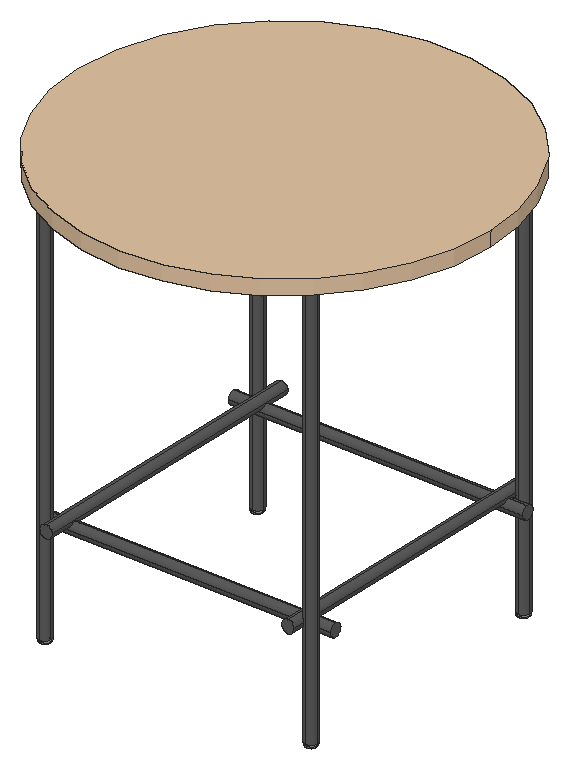
Revit family "FU_Modular_Sandler_NUC0210", category Furniture, Revit 2020
Family settings
  OmniClass Number = 23.40.20.00
  OmniClass Title = General Furniture and Specialties
  Work Plane-Based = No
  Always vertical = Yes
  Cut with Voids When Loaded = No
  Shared = No
  Room Calculation Point = No
Parameters (values of type "NUC0210")
  Width = 500 mm
  URL = "https://www.sandlerseating.com/product/nuc-0210/"
  Top [instance] = Wood - Oak - Natural - V
  Model = "NUC 0210"
  Manufacturer = "Sandler"
  Height = 520 mm
  Frame [instance] = Epoxy - M1_B00 - Black
  Description = "Side table on epoxy steel frame. 50cm / 20″ diameter."
  Depth = 500 mm
  Default Elevation = 0 mm
Reference planes
  plane 1 "Center (Front/Back)": y = 0
  plane 2: z = 0
  plane 3 "Center (Left/Right)": x = 0
  plane 4 "Right": x = -250
  plane 5 "Left": x = 250
  plane 6 "Back": y = 250
  plane 7 "Front": y = -250
  plane 8 "Height": z = 520
  plane 9 "Seat base": z = 502
  plane 10 "Right Inner": x = -218
  plane 11 "Front Inner": y = -218
  plane 12 "Left Inner": x = 218
  plane 13 "Back Inner": y = 218
Forms (mm)
  Extrusion 1, solid, material "Wood - Oak - Natural - V" <- "Top"
    sketch origin (0, 0, 502) x (-1, 0, 0) y (0, -1, 0)
      loop
        circle (0, 0) r 250
    from 0 to 18
Dimensions and locks
  equal spacing: plane 4 "Right", plane 3 "Center (Left/Right)", plane 5 "Left"
  "Width": plane 4 "Right" to plane 5 "Left"
  equal spacing: plane 6 "Back", plane 1 "Center (Front/Back)", plane 7 "Front"
  "Depth": plane 6 "Back" to plane 7 "Front"
  "Height": plane 8 "Height" to level
  locked: plane 8 "Height" to plane 9 "Seat base" at 18
  locked: plane 6 "Back" to plane 13 "Back Inner" at 32
  locked: plane 4 "Right" to plane 10 "Right Inner" at 32
  locked: plane 11 "Front Inner" to plane 7 "Front" at 32
  locked: plane 12 "Left Inner" to plane 5 "Left" at 32
  aligned and locked: level to plane 2
Automatic sketch dimensions
  plane 1 "Center (Front/Back)" to Extrusion 1 sketch curve = 0 mm
  Extrusion 1 sketch curve to plane 3 "Center (Left/Right)" = 0 mm
  radius of Extrusion 1 sketch curve = 250 mm
Nested families
  nested 1: "NUC_Frame" at (0, 0, 0), Frame <- "Frame", type "Frame 0210"
    with Frame Epoxy - M1_B00 - Black
Definition of nested family "NUC_Frame"
  Parameters (values of type "Frame 0210")
    Width = 420 mm
    URL = ""
    Model = ""
    Manufacturer = ""
    Height = 520 mm
    Frame [instance] = none
    Description = ""
    Depth = 420 mm
    Default Elevation = 0 mm
  Reference planes
    plane 1 "Center (Front/Back)": y = 0
    plane 2: z = 0
    plane 3 "Center (Left/Right)": x = 0
    plane 4 "Right": x = -210
    plane 5 "Left": x = 210
    plane 6 "Back": y = 210
    plane 7 "Front": y = -210
    plane 8 "Height": z = 520
    plane 9 "Seat base": z = 505
    plane 10 "Cross Right TOP": x = -178.091
    plane 11 "Side Back TOP": y = 177.81
    plane 12 "RL CY TOP": x = -161.061
    plane 13 "RS C TOP": x = -145.848
    plane 14 "BL CX TOP": y = 160.755
    plane 15 "BC C TOP": y = 145.681
    plane 16 "Side Front TOP": y = -177.81
    plane 17 "FL CX TOP": y = -160.755
    plane 18 "FC C TOP": y = -145.229
    plane 19 "Cross Left TOP": x = 178.091
    plane 20 "FL CY TOP": x = 161.061
    plane 21 "LS C TOP": x = 146.785
    plane 22 "Glide FRONT": z = 5.5
    plane 23 "Cross C FRONT": z = 125.125
    plane 24 "Side C RIGHT": z = 132.455
  Forms (mm)
    Sweep 1, solid, material <- "Frame"
      path origin (0, 160.755, 0) x (1, 0, 0) y (0, 0, 1)
        loop
          line (-161.061, 5.5) -> (-161.061, 505)
      profile "Pro_Circles : 15mm" origin (-161.061, 160.755, 255.25) x (-1, 0, 0) y (0, -1, 0)
        loop
          arc (-7.467, 0.067) -> (-5.347, -5.252) -> (-0.067, -7.467) r 7.401
          arc (-0.067, -7.467) -> (5.3, -5.301) -> (7.467, 0.067) r 7.402
          arc (7.467, 0.067) -> (5.252, 5.347) -> (-0.067, 7.467) r 7.401
          arc (-0.067, 7.467) -> (-5.299, 5.299) -> (-7.467, 0.067) r 7.4
    Sweep 2, solid, material <- "Frame"
      path origin (0, -160.755, 0) x (1, 0, 0) y (0, 0, 1)
        loop
          line (-161.061, 5.5) -> (-161.061, 505)
      profile "Pro_Circles : 15mm" origin (-161.061, -160.755, 255.25) x (1, 0, 0) y (0, 1, 0)
        loop
          arc (7.467, 0.067) -> (5.299, 5.299) -> (0.067, 7.467) r 7.4
          arc (0.067, 7.467) -> (-5.252, 5.347) -> (-7.467, 0.067) r 7.401
          arc (-7.467, 0.067) -> (-5.3, -5.301) -> (0.067, -7.467) r 7.402
          arc (0.067, -7.467) -> (5.347, -5.252) -> (7.467, 0.067) r 7.401
    Sweep 3, solid, material <- "Frame"
      path origin (0, 160.755, 0) x (-1, 0, 0) y (0, 0, 1)
        loop
          line (-161.061, 5.5) -> (-161.061, 505)
      profile "Pro_Circles : 15mm" origin (161.061, 160.755, 255.25) x (-1, 0, 0) y (0, -1, 0)
        loop
          arc (7.467, 0.067) -> (5.299, 5.299) -> (0.067, 7.467) r 7.4
          arc (0.067, 7.467) -> (-5.252, 5.347) -> (-7.467, 0.067) r 7.401
          arc (-7.467, 0.067) -> (-5.3, -5.301) -> (0.067, -7.467) r 7.402
          arc (0.067, -7.467) -> (5.347, -5.252) -> (7.467, 0.067) r 7.401
    Sweep 4, solid, material <- "Frame"
      path origin (0, -160.755, 0) x (-1, 0, 0) y (0, 0, 1)
        loop
          line (-161.061, 5.5) -> (-161.061, 505)
      profile "Pro_Circles : 15mm" origin (161.061, -160.755, 255.25) x (1, 0, 0) y (0, 1, 0)
        loop
          arc (-7.467, 0.067) -> (-5.347, -5.252) -> (-0.067, -7.467) r 7.401
          arc (-0.067, -7.467) -> (5.3, -5.301) -> (7.467, 0.067) r 7.402
          arc (7.467, 0.067) -> (5.252, 5.347) -> (-0.067, 7.467) r 7.401
          arc (-0.067, 7.467) -> (-5.299, 5.299) -> (-7.467, 0.067) r 7.4
    Sweep 5, solid, material <- "Frame"
      path origin (0, 145.681, 0) x (1, 0, 0) y (0, 0, 1)
        loop
          line (-178.091, 125.125) -> (178.091, 125.125)
      profile "Pro_Circles : 15mm" origin (0, 145.681, 125.125) x (0, 0, 1) y (0, -1, 0)
        loop
          arc (-7.467, 0.067) -> (-5.347, -5.252) -> (-0.067, -7.467) r 7.401
          arc (-0.067, -7.467) -> (5.3, -5.301) -> (7.467, 0.067) r 7.402
          arc (7.467, 0.067) -> (5.252, 5.347) -> (-0.067, 7.467) r 7.401
          arc (-0.067, 7.467) -> (-5.299, 5.299) -> (-7.467, 0.067) r 7.4
    Sweep 6, solid, material <- "Frame"
      path origin (0, -145.229, 0) x (1, 0, 0) y (0, 0, 1)
        loop
          line (-178.091, 125.125) -> (178.091, 125.125)
      profile "Pro_Circles : 15mm" origin (0, -145.229, 125.125) x (0, 0, -1) y (0, 1, 0)
        loop
          arc (7.467, 0.067) -> (5.299, 5.299) -> (0.067, 7.467) r 7.4
          arc (0.067, 7.467) -> (-5.252, 5.347) -> (-7.467, 0.067) r 7.401
          arc (-7.467, 0.067) -> (-5.3, -5.301) -> (0.067, -7.467) r 7.402
          arc (0.067, -7.467) -> (5.347, -5.252) -> (7.467, 0.067) r 7.401
    Sweep 7, solid, material <- "Frame"
      path origin (0, 0, 132.455) x (0, -1, 0) y (1, 0, 0)
        loop
          line (177.81, -145.848) -> (-177.81, -145.848)
      profile "Pro_Circles : 15mm" origin (-145.848, 0, 132.455) x (-1, 0, 0) y (0, 0, 1)
        loop
          arc (-7.467, 0.067) -> (-5.347, -5.252) -> (-0.067, -7.467) r 7.401
          arc (-0.067, -7.467) -> (5.3, -5.301) -> (7.467, 0.067) r 7.402
          arc (7.467, 0.067) -> (5.252, 5.347) -> (-0.067, 7.467) r 7.401
          arc (-0.067, 7.467) -> (-5.299, 5.299) -> (-7.467, 0.067) r 7.4
    Sweep 8, solid, material <- "Frame"
      path origin (0, 0, 132.455) x (0, -1, 0) y (-1, 0, 0)
        loop
          line (177.81, -146.785) -> (-177.81, -146.785)
      profile "Pro_Circles : 15mm" origin (146.785, 0, 132.455) x (-1, 0, 0) y (0, 0, 1)
        loop
          arc (7.467, 0.067) -> (5.299, 5.299) -> (0.067, 7.467) r 7.4
          arc (0.067, 7.467) -> (-5.252, 5.347) -> (-7.467, 0.067) r 7.401
          arc (-7.467, 0.067) -> (-5.3, -5.301) -> (0.067, -7.467) r 7.402
          arc (0.067, -7.467) -> (5.347, -5.252) -> (7.467, 0.067) r 7.401
    Revolve 9, solid
      sketch origin (0, 160.755, 0) x (1, 0, 0) y (0, 0, 1)
        loop
          line (-168.073, 5.5) -> (-168.073, 2.935)
          arc (-168.073, 2.935) -> (-167.708, 1.769) -> (-166.742, 1.02) r 2.043
          arc (-166.742, 1.02) -> (-163.947, 0.256) -> (-161.061, -0.002) r 16.329
          line (-161.061, -0.002) -> (-161.061, 18.327) -> (-166.144, 18.327) -> (-166.144, 5.5) -> (-168.073, 5.5)
        axis (-161.061, 18.327) -> (-161.061, -0.002)
      angle from 0 to 360
    Revolve 10, solid
      sketch origin (0, 160.755, 0) x (-1, 0, 0) y (0, 0, 1)
        loop
          line (-168.073, 5.5) -> (-168.073, 2.935)
          arc (-168.073, 2.935) -> (-167.708, 1.769) -> (-166.742, 1.02) r 2.043
          arc (-166.742, 1.02) -> (-163.947, 0.256) -> (-161.061, -0.002) r 16.329
          line (-161.061, -0.002) -> (-161.061, 18.327) -> (-166.144, 18.327) -> (-166.144, 5.5) -> (-168.073, 5.5)
        axis (-161.061, 18.327) -> (-161.061, -0.002)
      angle from 0 to 360
    Revolve 11, solid
      sketch origin (0, -160.755, 0) x (1, 0, 0) y (0, 0, 1)
        loop
          line (168.073, 5.5) -> (166.144, 5.5) -> (166.144, 18.327) -> (161.061, 18.327) -> (161.061, -0.002)
          arc (161.061, -0.002) -> (163.947, 0.256) -> (166.742, 1.02) r 16.329
          arc (166.742, 1.02) -> (167.708, 1.769) -> (168.073, 2.935) r 2.043
          line (168.073, 2.935) -> (168.073, 5.5)
        axis (161.061, 18.327) -> (161.061, -0.002)
      angle from 0 to 360
    Revolve 12, solid
      sketch origin (0, -160.755, 0) x (1, 0, 0) y (0, 0, 1)
        loop
          line (-168.073, 5.5) -> (-168.073, 2.935)
          arc (-168.073, 2.935) -> (-167.708, 1.769) -> (-166.742, 1.02) r 2.043
          arc (-166.742, 1.02) -> (-163.947, 0.256) -> (-161.061, -0.002) r 16.329
          line (-161.061, -0.002) -> (-161.061, 18.327) -> (-166.144, 18.327) -> (-166.144, 5.5) -> (-168.073, 5.5)
        axis (-161.061, 18.327) -> (-161.061, -0.002)
      angle from 0 to 360
  Dimensions and locks
    equal spacing: plane 4 "Right", plane 3 "Center (Left/Right)", plane 5 "Left"
    "Width": plane 4 "Right" to plane 5 "Left"
    equal spacing: plane 6 "Back", plane 1 "Center (Front/Back)", plane 7 "Front"
    "Depth": plane 6 "Back" to plane 7 "Front"
    "Height": plane 8 "Height" to level
    plane 8 "Height" to plane 9 "Seat base" = 15 mm
    plane 6 "Back" to plane 11 "Side Back TOP" to plane 14 "BL CX TOP" to plane 15 "BC C TOP" = 32.19 mm locked, 17.055 mm locked, 15.074 mm locked
    plane 4 "Right" to plane 10 "Cross Right TOP" to plane 12 "RL CY TOP" to plane 13 "RS C TOP" = 31.909 mm locked, 17.03 mm locked, 15.213 mm locked
    plane 21 "LS C TOP" to plane 20 "FL CY TOP" to plane 19 "Cross Left TOP" to plane 5 "Left" = 14.275 mm locked, 17.03 mm locked, 31.909 mm locked
    plane 18 "FC C TOP" to plane 17 "FL CX TOP" to plane 16 "Side Front TOP" to plane 7 "Front" = 15.526 mm locked, 17.055 mm locked, 32.19 mm locked
    aligned and locked: level to plane 2
    aligned and locked: plane 9 "Seat base" to Sweep 1 sketch curve
    aligned and locked: plane 22 "Glide FRONT" to Sweep 1 sketch curve
    aligned and locked: plane 19 "Cross Left TOP" to Sweep 5 sketch curve
    aligned and locked: plane 10 "Cross Right TOP" to Sweep 5 sketch curve
    aligned and locked: plane 11 "Side Back TOP" to Sweep 7 sketch curve
    aligned and locked: plane 16 "Side Front TOP" to Sweep 7 sketch curve
  Automatic sketch dimensions
    plane 12 "RL CY TOP" to Sweep 1 sketch curve = 0 mm
    Sweep 2 sketch curve to plane 9 "Seat base" = 0 mm
    plane 12 "RL CY TOP" to Sweep 2 sketch curve = 0 mm
    Sweep 2 sketch curve to plane 22 "Glide FRONT" = 0 mm
    Sweep 3 sketch curve to plane 9 "Seat base" = 0 mm
    Sweep 3 sketch curve to plane 20 "FL CY TOP" = 0 mm
    Sweep 3 sketch curve to plane 22 "Glide FRONT" = 0 mm
    Sweep 4 sketch curve to plane 9 "Seat base" = 0 mm
    Sweep 4 sketch curve to plane 20 "FL CY TOP" = 0 mm
    Sweep 4 sketch curve to plane 22 "Glide FRONT" = 0 mm
    Sweep 5 sketch curve to plane 23 "Cross C FRONT" = 0 mm
    plane 10 "Cross Right TOP" to Sweep 6 sketch curve = 0 mm
    Sweep 6 sketch curve to plane 19 "Cross Left TOP" = 0 mm
    Sweep 6 sketch curve to plane 23 "Cross C FRONT" = 0 mm
    Sweep 7 sketch curve to plane 13 "RS C TOP" = 0 mm
    plane 11 "Side Back TOP" to Sweep 8 sketch curve = 0 mm
    Sweep 8 sketch curve to plane 16 "Side Front TOP" = 0 mm
    Sweep 8 sketch curve to plane 21 "LS C TOP" = 0 mm
    Revolve 9 sketch curve to plane 22 "Glide FRONT" = 0 mm
    plane 12 "RL CY TOP" to Revolve 9 sketch curve = 0 mm  (x2)
    plane 12 "RL CY TOP" to Revolve 9 sketch curve = 4.969 mm
    plane 12 "RL CY TOP" to Revolve 9 sketch curve = 5.083 mm
    Revolve 9 sketch curve to Revolve 9 sketch curve = 1.929 mm
    Revolve 9 sketch curve to plane 12 "RL CY TOP" = 0.006 mm
    Revolve 9 sketch curve to Revolve 9 sketch curve = 2.565 mm
    Revolve 9 sketch curve to level = 0.002 mm
    plane 22 "Glide FRONT" to Revolve 9 sketch curve = 10.827 mm
    Revolve 9 sketch curve to Revolve 9 sketch curve = 2 mm
    Revolve 9 sketch curve to Revolve 9 sketch curve = 3.769 mm
    Revolve 9 sketch curve to Revolve 9 sketch curve = 2.902 mm
    Revolve 10 sketch curve to plane 22 "Glide FRONT" = 0 mm
    Revolve 10 sketch curve to plane 20 "FL CY TOP" = 0 mm  (x2)
    Revolve 10 sketch curve to plane 20 "FL CY TOP" = 4.969 mm
    Revolve 10 sketch curve to plane 20 "FL CY TOP" = 5.083 mm
    Revolve 10 sketch curve to Revolve 10 sketch curve = 1.929 mm
    plane 20 "FL CY TOP" to Revolve 10 sketch curve = 0.006 mm
    plane 22 "Glide FRONT" to Revolve 10 sketch curve = 2.565 mm
    level to Revolve 10 sketch curve = 0.002 mm
    Revolve 10 sketch curve to plane 22 "Glide FRONT" = 10.827 mm
    Revolve 10 sketch curve to Revolve 10 sketch curve = 2 mm
    Revolve 10 sketch curve to Revolve 10 sketch curve = 3.769 mm
    Revolve 10 sketch curve to Revolve 10 sketch curve = 2.902 mm
    Revolve 11 sketch curve to plane 20 "FL CY TOP" = 0 mm  (x2)
    Revolve 11 sketch curve to plane 22 "Glide FRONT" = 0 mm
    plane 20 "FL CY TOP" to Revolve 11 sketch curve = 0.006 mm
    Revolve 11 sketch curve to plane 20 "FL CY TOP" = 4.969 mm
    Revolve 11 sketch curve to plane 20 "FL CY TOP" = 5.083 mm
    Revolve 11 sketch curve to Revolve 11 sketch curve = 1.929 mm
    plane 22 "Glide FRONT" to Revolve 11 sketch curve = 2.565 mm
    level to Revolve 11 sketch curve = 0.002 mm
    Revolve 11 sketch curve to plane 22 "Glide FRONT" = 10.827 mm
    Revolve 11 sketch curve to Revolve 11 sketch curve = 2 mm
    Revolve 11 sketch curve to Revolve 11 sketch curve = 3.769 mm
    Revolve 11 sketch curve to Revolve 11 sketch curve = 2.902 mm
    Revolve 12 sketch curve to plane 22 "Glide FRONT" = 0 mm
    plane 12 "RL CY TOP" to Revolve 12 sketch curve = 0 mm  (x2)
    Revolve 12 sketch curve to plane 12 "RL CY TOP" = 4.969 mm
    Revolve 12 sketch curve to plane 12 "RL CY TOP" = 5.083 mm
    Revolve 12 sketch curve to Revolve 12 sketch curve = 1.929 mm
    plane 12 "RL CY TOP" to Revolve 12 sketch curve = 0.006 mm
    Revolve 12 sketch curve to Revolve 12 sketch curve = 2.565 mm
    level to Revolve 12 sketch curve = 0.002 mm
    Revolve 12 sketch curve to plane 22 "Glide FRONT" = 10.827 mm
    Revolve 12 sketch curve to Revolve 12 sketch curve = 2 mm
    Revolve 12 sketch curve to Revolve 12 sketch curve = 3.769 mm
    Revolve 12 sketch curve to Revolve 12 sketch curve = 2.902 mm
